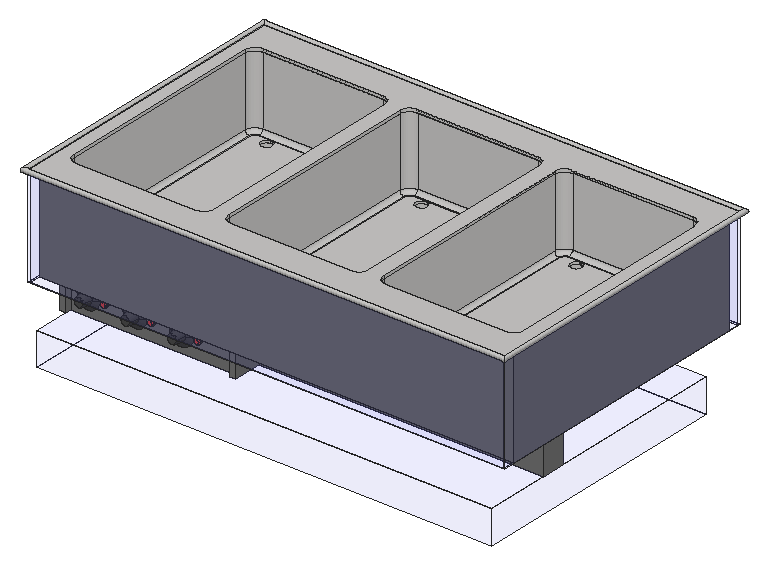
Revit family "QF_Vollrath_36404_cat", category Specialty Equipment, Revit 2016
Family settings
  Part Type = Normal
  Round Connector Dimension = Use Diameter
  OmniClass Number = 23.40.40.14.14
  OmniClass Title = Food Preparation Equipment
  Work Plane-Based = No
  Always vertical = Yes
  Cut with Voids When Loaded = No
  Shared = No
  Room Calculation Point = No
Parameters
  Width = 3' - 5 1/2"
  Weight in Pounds = 0
  Watts = 0 W
  Watermarked By = "http://revitwatermark.com"
  Waste Water Discharge Temperature [instance] = -459.67 °F
  Volts = 0 V
  URL Cutsheet = ""
  URL = "www.vollrathco.com"
  Status [instance] = ""
  Specification by User [instance] = ""
  Specification by Manufacturer [instance] = ""
  Serial Number [instance] = ""
  Seismic Rating [instance] = ""
  SMACNA No [instance] = ""
  Revision Code [instance] = ""
  Remote Control Box [instance] = no
  Plumbing Remarks [instance] = ""
  Plumbing Connection Type [instance] = ""
  Phase = 0
  Number of Poles = 1
  NAFEM Spec ID Number [instance] = ""
  Mounted Control Box [instance] = not(Remote Control Box)  # yes
  Model = "-"
  Masterspec [instance] = ""
  Manufacturer = "Vollrath"
  Item Number [instance] = "-"
  Installed By [instance] = ""
  Indirect Waste Size = 1/2"
  Indirect Waste Flow [instance] = 0.00 GPM
  Indirect Waste Connection Type [instance] = ""
  Indirect Waste Connection Height [instance] = Height AFF - 1' 0 3/16"  # 1' - 11 13/16"
  Height AFF [instance] = 3' - 0"
  Furnished By [instance] = ""
  Foodservice Equipment Identifier [instance] = yes
  FL Amps = 0 A
  Electrical Remarks [instance] = ""
  Electric Connection Type [instance] = ""
  Elec Conn RI Height [instance] = 0' - 0"
  Elec Conn Connection Height [instance] = Height AFF - 0' 10"  # 2' - 2"
  Description = "Drop-In, Three Well Hot"
  Depth = 2' - 2"
  Cycle = 60 Hz
  Conn Plug = "-"
  CSI MasterFormat = "11 42 00"
  Assembly Code = "E1090320"
  Apparent Power = if(Phase = 3, Volts * FL Amps * 1.73, Volts * FL Amps)  # 0 VA
Reference planes (in)
  plane 1 "BACK": y = 0
  plane 2: z = 0
  plane 3 "LEFT": x = -15.489587
  plane 4 "RIGHT": x = 26.010413
  plane 5 "FRONT": y = -26
  plane 6 "Table Top": z = 36
  plane 7 "TOP": z = 36.375
  plane 8: y = -3
  plane 9: y = -23
  plane 10: x = -13.989587
  plane 11: x = -1.989587
  plane 12 "Bottom of Well": z = 29.625
  plane 13 "Bottom of Well Cover": z = 27.5
  plane 14: y = -1.5
  plane 15: y = -24.5
  plane 16: x = -14.989587
  plane 17: x = 25.510413
  plane 18 "Standard Drain": z = 23.75
  plane 19 "Drain FB": x = -11.989587
  plane 20 "Drain LR": y = -4
  plane 21: z = 24.5
  plane 22: z = 21.5
  plane 23 "Back of Panel": y = -20.5
  plane 24: y = -18.5
  plane 25: x = -14.489587
  plane 26: x = 24.947913
  plane 27 "Manifold Drain Top": z = 24.25
  plane 28 "Front of Panel": y = -22.5
  plane 29: x = 0.510413
  plane 30: x = -0.739587
  plane 31: x = 11.260413
  plane 32: x = 1.260413
  plane 33: x = 12.510413
  plane 34: x = 24.510413
  plane 35: x = 14.510413
  plane 36: z = 21.375
Forms (in)
  Sweep 1, solid, material "QF_Finishes_Stainless Steel"
    path origin (0, 0, 36) x (0, 1, 0) y (-1, 0, 0)
      loop
        line (0, 15.489587) -> (-26, 15.489587) -> (-26, -26.010413) -> (0, -26.010413) -> (0, 15.489587)
    profile origin (5.260413, 0, 36) x (0, 1, 0) y (0, 0, 1)
      loop
        line (-0.3712117, 0) -> (-0.1875, 0)
        arc (-0.1875, 0) -> (-0.0422631, 0.3060854) -> (-0.3712117, 0.225) r 0.1875
        line (-0.3712117, 0.225) -> (-0.3712117, 0)
  Extrusion 2, solid, material "QF_Finishes_Stainless Steel"
    sketch origin (0, 0, 36) x (0, 1, 0) y (-1, 0, 0)
      loop
        arc (-3, 13.114587) -> (-3.2562816, 13.7333055) -> (-3.875, 13.989587) r 0.875
        line (-3.875, 13.989587) -> (-22.125, 13.989587)
        arc (-22.125, 13.989587) -> (-22.7437184, 13.7333055) -> (-23, 13.114587) r 0.875
        line (-23, 13.114587) -> (-23, 2.864587)
        arc (-23, 2.864587) -> (-22.7437184, 2.2458686) -> (-22.125, 1.989587) r 0.875
        line (-22.125, 1.989587) -> (-3.875, 1.989587)
        arc (-3.875, 1.989587) -> (-3.2562816, 2.2458686) -> (-3, 2.864587) r 0.875
        line (-3, 2.864587) -> (-3, 13.114587)
      loop
        line (-0.3712117, 15.1183753) -> (-25.6287883, 15.1183753) -> (-25.6287883, -25.6392012) -> (-0.3712117, -25.6392012) -> (-0.3712117, 15.1183753)
      loop
        arc (-3, -0.135413) -> (-3.2562816, 0.4833055) -> (-3.875, 0.739587) r 0.875
        line (-3.875, 0.739587) -> (-22.125, 0.739587)
        arc (-22.125, 0.739587) -> (-22.7437184, 0.4833055) -> (-23, -0.135413) r 0.875
        line (-23, -0.135413) -> (-23, -10.385413)
        arc (-23, -10.385413) -> (-22.7437184, -11.0041314) -> (-22.125, -11.260413) r 0.875
        line (-22.125, -11.260413) -> (-3.875, -11.260413)
        arc (-3.875, -11.260413) -> (-3.2562816, -11.0041314) -> (-3, -10.385413) r 0.875
        line (-3, -10.385413) -> (-3, -0.135413)
      loop
        arc (-3, -13.385413) -> (-3.2562816, -12.7666945) -> (-3.875, -12.510413) r 0.875
        line (-3.875, -12.510413) -> (-22.125, -12.510413)
        arc (-22.125, -12.510413) -> (-22.7437184, -12.7666945) -> (-23, -13.385413) r 0.875
        line (-23, -13.385413) -> (-23, -23.635413)
        arc (-23, -23.635413) -> (-22.7437184, -24.2541314) -> (-22.125, -24.510413) r 0.875
        line (-22.125, -24.510413) -> (-3.875, -24.510413)
        arc (-3.875, -24.510413) -> (-3.2562816, -24.2541314) -> (-3, -23.635413) r 0.875
        line (-3, -23.635413) -> (-3, -13.385413)
    from 0 to 0.225
  Sweep 3, solid, material "QF_Finishes_Stainless Steel"
    path origin (0, 0, 36) x (0, 1, 0) y (-1, 0, 0)
      loop
        arc (-3, 13.114587) -> (-3.2562816, 13.7333055) -> (-3.875, 13.989587) r 0.875
        line (-3.875, 13.989587) -> (-22.125, 13.989587)
        arc (-22.125, 13.989587) -> (-22.7437184, 13.7333055) -> (-23, 13.114587) r 0.875
        line (-23, 13.114587) -> (-23, 2.864587)
        arc (-23, 2.864587) -> (-22.7437184, 2.2458686) -> (-22.125, 1.989587) r 0.875
        line (-22.125, 1.989587) -> (-3.875, 1.989587)
        arc (-3.875, 1.989587) -> (-3.2562816, 2.2458686) -> (-3, 2.864587) r 0.875
        line (-3, 2.864587) -> (-3, 13.114587)
    profile origin (-7.989587, -3, 36) x (0, 1, 0) y (0, 0, 1)
      loop
        line (0, 0) -> (0, -5.875)
        arc (0, -5.875) -> (-0.109835, -6.140165) -> (-0.375, -6.25) r 0.375
        line (-0.375, -6.25) -> (-0.375, -6.375)
        arc (-0.375, -6.375) -> (-0.0214466, -6.2285534) -> (0.125, -5.875) r 0.5
        line (0.125, -5.875) -> (0.125, 0) -> (0, 0)
  Extrusion 4, solid, material "QF_Finishes_Stainless Steel"
    sketch origin (0, 0, 29.625) x (0, 1, 0) y (-1, 0, 0)
      loop
        arc (-3.375, 13.114587) -> (-3.5214466, 13.4681404) -> (-3.875, 13.614587) r 0.5
        line (-3.875, 13.614587) -> (-22.125, 13.614587)
        arc (-22.125, 13.614587) -> (-22.4785534, 13.4681404) -> (-22.625, 13.114587) r 0.5
        line (-22.625, 13.114587) -> (-22.625, 2.864587)
        arc (-22.625, 2.864587) -> (-22.4785534, 2.5110336) -> (-22.125, 2.364587) r 0.5
        line (-22.125, 2.364587) -> (-3.875, 2.364587)
        arc (-3.875, 2.364587) -> (-3.5214466, 2.5110336) -> (-3.375, 2.864587) r 0.5
        line (-3.375, 2.864587) -> (-3.375, 13.114587)
      loop
        circle (-4, 11.989587) r 0.5
    from 0 to 0.125
  Extrusion 5, solid, material "QF_Finishes_Dark Grey"
    sketch origin (0, 0, 27.5) x (0, 1, 0) y (-1, 0, 0)
      loop
        line (-1.625, 14.864587) -> (-24.375, 14.864587) -> (-24.375, -25.385413) -> (-1.625, -25.385413) -> (-1.625, 14.864587)
      loop
        circle (-4, 11.989587) r 0.5
      loop
        circle (-4, -1.260413) r 0.5
    from 0 to 0.125
  Extrusion 6, solid, material "QF_Finishes_Dark Grey"
    sketch origin (0, 0, 27.5) x (0, 1, 0) y (-1, 0, 0)
      loop
        line (-1.5, 14.989587) -> (-24.5, 14.989587) -> (-24.5, -25.510413) -> (-1.5, -25.510413) -> (-1.5, 14.989587)
      loop
        line (-1.625, 14.864587) -> (-24.375, 14.864587) -> (-24.375, -25.385413) -> (-1.625, -25.385413) -> (-1.625, 14.864587)
    from 0 to 8.5
  Extrusion 7, solid, material "QF_Finishes_Stainless Steel"
    sketch origin (0, 0, 27.5) x (0, 1, 0) y (-1, 0, 0)
      loop
        circle (-4, 11.989587) r 0.5
      loop
        circle (-4, 11.989587) r 0.625
    from 0.125 to 2.125
  Revolve 8, solid, material "QF_Finishes_Dark Grey"
    sketch origin (-11.989587, 0, 0) x (0, 1, 0) y (0, 0, 1)
      loop
        line (-3.375, 23.75) -> (-3.25, 23.75) -> (-3.25, 24.25) -> (-3.375, 24.25) -> (-3.375, 25.75) -> (-3.25, 25.75) -> (-3.25, 26.25) -> (-3.375, 26.25) -> (-3.375, 27.5) -> (-3.5, 27.5) -> (-3.5, 26.125) -> (-3.375, 26.125) -> (-3.375, 25.875) -> (-3.5, 25.875) -> (-3.5, 24.125) -> (-3.375, 24.125) -> (-3.375, 23.75)
      axis (-4, 23.75) -> (-4, 27.5)
    angle from 0 to 360
  Extrusion 9, solid, material "QF_Finishes_Dark Grey"
    sketch origin (-15.489587, 0, 0) x (0, 1, 0) y (0, 0, 1)
      loop
        line (-18.5, 27.5) -> (-20.5, 27.5) -> (-20.5, 24.5) -> (-18.5, 24.5) -> (-18.5, 27.5)
    from 1 to 40.4375
  Extrusion 10, solid, material "QF_Finishes_Dark Grey", visible <- "Mounted Control Box"
    sketch origin (0, 0, 27.5) x (0, 1, 0) y (-1, 0, 0)
      loop
        line (-20.5, 14.489587) -> (-23, 14.489587) -> (-23, 13.989587) -> (-22.5, 13.989587) -> (-22.5, -0.010413) -> (-23, -0.010413) -> (-23, -0.510413) -> (-20.5, -0.510413) -> (-20.5, 14.489587)
    from 0 to -3
  Blend 11, solid, material "QF_Finishes_Black", visible <- "Mounted Control Box"
    base sketch origin (0, -22.5, 0) x (-1, 0, 0) y (0, 0, 1)
      loop
        circle (12.489587, 26) r 1
    top sketch origin (0, -22.5, 0) x (-1, 0, 0) y (0, 0, 1)
      loop
        circle (12.489587, 26) r 0.5
    from 0 to -0.25
  Blend 12, solid, material "QF_Finishes_Black", visible <- "Mounted Control Box"
    base sketch origin (0, -22.5, 0) x (-1, 0, 0) y (0, 0, 1)
      loop
        circle (12.489587, 26) r 0.5
    top sketch origin (0, -22.5, 0) x (-1, 0, 0) y (0, 0, 1)
      loop
        circle (12.489587, 26) r 0.375
    from -0.25 to -1
  Extrusion 13, solid, material "QF_Finishes_Black", visible <- "Mounted Control Box"
    sketch origin (0, -22.5, 0) x (-1, 0, 0) y (0, 0, 1)
      loop
        circle (10.989587, 26) r 0.25
    from 0 to -0.125
  Extrusion 14, solid, material "QF_Finishes_Red", visible <- "Mounted Control Box"
    sketch origin (0, -22.5, 0) x (-1, 0, 0) y (0, 0, 1)
      loop
        circle (10.989587, 26) r 0.1875
    from -0.125 to -0.25
  Extrusion 15, solid, material "QF_Finishes_Stainless Steel"
    sketch origin (13.25, 0, 29.625) x (0, 1, 0) y (-1, 0, 0)
      loop
        arc (-3.375, 13.114587) -> (-3.5214466, 13.4681404) -> (-3.875, 13.614587) r 0.5
        line (-3.875, 13.614587) -> (-22.125, 13.614587)
        arc (-22.125, 13.614587) -> (-22.4785534, 13.4681404) -> (-22.625, 13.114587) r 0.5
        line (-22.625, 13.114587) -> (-22.625, 2.864587)
        arc (-22.625, 2.864587) -> (-22.4785534, 2.5110336) -> (-22.125, 2.364587) r 0.5
        line (-22.125, 2.364587) -> (-3.875, 2.364587)
        arc (-3.875, 2.364587) -> (-3.5214466, 2.5110336) -> (-3.375, 2.864587) r 0.5
        line (-3.375, 2.864587) -> (-3.375, 13.114587)
      loop
        circle (-4, 11.989587) r 0.5
    from 0 to 0.125
  Revolve 16, solid, material "QF_Finishes_Dark Grey"
    sketch origin (1.260413, 0, 0) x (0, 1, 0) y (0, 0, 1)
      loop
        line (-3.375, 23.75) -> (-3.25, 23.75) -> (-3.25, 24.25) -> (-3.375, 24.25) -> (-3.375, 25.75) -> (-3.25, 25.75) -> (-3.25, 26.25) -> (-3.375, 26.25) -> (-3.375, 27.5) -> (-3.5, 27.5) -> (-3.5, 26.125) -> (-3.375, 26.125) -> (-3.375, 25.875) -> (-3.5, 25.875) -> (-3.5, 24.125) -> (-3.375, 24.125) -> (-3.375, 23.75)
      axis (-4, 23.75) -> (-4, 27.5)
    angle from 0 to 360
  Blend 17, solid, material "QF_Finishes_Black", visible <- "Mounted Control Box"
    base sketch origin (4, -22.5, 0) x (-1, 0, 0) y (0, 0, 1)
      loop
        circle (12.489587, 26) r 1
    top sketch origin (4, -22.5, 0) x (-1, 0, 0) y (0, 0, 1)
      loop
        circle (12.489587, 26) r 0.5
    from 0 to -0.25
  Blend 18, solid, material "QF_Finishes_Black", visible <- "Mounted Control Box"
    base sketch origin (4, -22.5, 0) x (-1, 0, 0) y (0, 0, 1)
      loop
        circle (12.489587, 26) r 0.5
    top sketch origin (4, -22.5, 0) x (-1, 0, 0) y (0, 0, 1)
      loop
        circle (12.489587, 26) r 0.375
    from -0.25 to -1
  Extrusion 19, solid, material "QF_Finishes_Black", visible <- "Mounted Control Box"
    sketch origin (0, -22.5, 0) x (-1, 0, 0) y (0, 0, 1)
      loop
        circle (6.989587, 26) r 0.25
    from 0 to -0.125
  Extrusion 20, solid, material "QF_Finishes_Red", visible <- "Mounted Control Box"
    sketch origin (0, -22.5, 0) x (-1, 0, 0) y (0, 0, 1)
      loop
        circle (6.989587, 26) r 0.1875
    from -0.125 to -0.25
  Sweep 21, solid, material "QF_Finishes_Stainless Steel"
    path origin (13.25, 0, 36) x (0, 1, 0) y (-1, 0, 0)
      loop
        arc (-3, 13.114587) -> (-3.2562816, 13.7333055) -> (-3.875, 13.989587) r 0.875
        line (-3.875, 13.989587) -> (-22.125, 13.989587)
        arc (-22.125, 13.989587) -> (-22.7437184, 13.7333055) -> (-23, 13.114587) r 0.875
        line (-23, 13.114587) -> (-23, 2.864587)
        arc (-23, 2.864587) -> (-22.7437184, 2.2458686) -> (-22.125, 1.989587) r 0.875
        line (-22.125, 1.989587) -> (-3.875, 1.989587)
        arc (-3.875, 1.989587) -> (-3.2562816, 2.2458686) -> (-3, 2.864587) r 0.875
        line (-3, 2.864587) -> (-3, 13.114587)
    profile origin (5.260413, -3, 36) x (0, 1, 0) y (0, 0, 1)
      loop
        line (0, 0) -> (0, -5.875)
        arc (0, -5.875) -> (-0.109835, -6.140165) -> (-0.375, -6.25) r 0.375
        line (-0.375, -6.25) -> (-0.375, -6.375)
        arc (-0.375, -6.375) -> (-0.0214466, -6.2285534) -> (0.125, -5.875) r 0.5
        line (0.125, -5.875) -> (0.125, 0) -> (0, 0)
  Extrusion 22, solid, material "QF_Finishes_Stainless Steel"
    sketch origin (13.25, 0, 27.5) x (0, 1, 0) y (-1, 0, 0)
      loop
        circle (-4, 11.989587) r 0.5
      loop
        circle (-4, 11.989587) r 0.625
    from 0.125 to 2.125
  Blend 23, solid, material "QF_Finishes_Black", visible <- "Mounted Control Box"
    base sketch origin (8, -22.5, 0) x (-1, 0, 0) y (0, 0, 1)
      loop
        circle (12.489587, 26) r 1
    top sketch origin (8, -22.5, 0) x (-1, 0, 0) y (0, 0, 1)
      loop
        circle (12.489587, 26) r 0.5
    from 0 to -0.25
  Blend 24, solid, material "QF_Finishes_Black", visible <- "Mounted Control Box"
    base sketch origin (8, -22.5, 0) x (-1, 0, 0) y (0, 0, 1)
      loop
        circle (12.489587, 26) r 0.5
    top sketch origin (8, -22.5, 0) x (-1, 0, 0) y (0, 0, 1)
      loop
        circle (12.489587, 26) r 0.375
    from -0.25 to -1
  Extrusion 25, solid, material "QF_Finishes_Black", visible <- "Mounted Control Box"
    sketch origin (4, -22.5, 0) x (-1, 0, 0) y (0, 0, 1)
      loop
        circle (6.989587, 26) r 0.25
    from 0 to -0.125
  Extrusion 26, solid, material "QF_Finishes_Red", visible <- "Mounted Control Box"
    sketch origin (4, -22.5, 0) x (-1, 0, 0) y (0, 0, 1)
      loop
        circle (6.989587, 26) r 0.1875
    from -0.125 to -0.25
  Revolve 27, solid, material "QF_Finishes_Dark Grey"
    sketch origin (14.510413, 0, 0) x (0, 1, 0) y (0, 0, 1)
      loop
        line (-3.375, 23.75) -> (-3.25, 23.75) -> (-3.25, 24.25) -> (-3.375, 24.25) -> (-3.375, 25.75) -> (-3.25, 25.75) -> (-3.25, 26.25) -> (-3.375, 26.25) -> (-3.375, 27.5) -> (-3.5, 27.5) -> (-3.5, 26.125) -> (-3.375, 26.125) -> (-3.375, 25.875) -> (-3.5, 25.875) -> (-3.5, 24.125) -> (-3.375, 24.125) -> (-3.375, 23.75)
      axis (-4, 23.75) -> (-4, 27.5)
    angle from 0 to 360
  Extrusion 28, solid, material "QF_Finishes_Stainless Steel"
    sketch origin (26.5, 0, 27.5) x (0, 1, 0) y (-1, 0, 0)
      loop
        circle (-4, 11.989587) r 0.5
      loop
        circle (-4, 11.989587) r 0.625
    from 0.125 to 2.125
  Extrusion 29, solid, material "QF_Finishes_Stainless Steel"
    sketch origin (26.5, 0, 29.625) x (0, 1, 0) y (-1, 0, 0)
      loop
        arc (-3.375, 13.114587) -> (-3.5214466, 13.4681404) -> (-3.875, 13.614587) r 0.5
        line (-3.875, 13.614587) -> (-22.125, 13.614587)
        arc (-22.125, 13.614587) -> (-22.4785534, 13.4681404) -> (-22.625, 13.114587) r 0.5
        line (-22.625, 13.114587) -> (-22.625, 2.864587)
        arc (-22.625, 2.864587) -> (-22.4785534, 2.5110336) -> (-22.125, 2.364587) r 0.5
        line (-22.125, 2.364587) -> (-3.875, 2.364587)
        arc (-3.875, 2.364587) -> (-3.5214466, 2.5110336) -> (-3.375, 2.864587) r 0.5
        line (-3.375, 2.864587) -> (-3.375, 13.114587)
      loop
        circle (-4, 11.989587) r 0.5
    from 0 to 0.125
  Sweep 30, solid, material "QF_Finishes_Stainless Steel"
    path origin (26.5, 0, 36) x (0, 1, 0) y (-1, 0, 0)
      loop
        arc (-3, 13.114587) -> (-3.2562816, 13.7333055) -> (-3.875, 13.989587) r 0.875
        line (-3.875, 13.989587) -> (-22.125, 13.989587)
        arc (-22.125, 13.989587) -> (-22.7437184, 13.7333055) -> (-23, 13.114587) r 0.875
        line (-23, 13.114587) -> (-23, 2.864587)
        arc (-23, 2.864587) -> (-22.7437184, 2.2458686) -> (-22.125, 1.989587) r 0.875
        line (-22.125, 1.989587) -> (-3.875, 1.989587)
        arc (-3.875, 1.989587) -> (-3.2562816, 2.2458686) -> (-3, 2.864587) r 0.875
        line (-3, 2.864587) -> (-3, 13.114587)
    profile origin (18.510413, -3, 36) x (0, 1, 0) y (0, 0, 1)
      loop
        line (0, 0) -> (0, -5.875)
        arc (0, -5.875) -> (-0.109835, -6.140165) -> (-0.375, -6.25) r 0.375
        line (-0.375, -6.25) -> (-0.375, -6.375)
        arc (-0.375, -6.375) -> (-0.0214466, -6.2285534) -> (0.125, -5.875) r 0.5
        line (0.125, -5.875) -> (0.125, 0) -> (0, 0)
  Extrusion 31, solid, material "QF_Finishes_Clearances"
    sketch origin (0, 0, 36) x (0, 1, 0) y (-1, 0, 0)
      loop
        line (-0.5, 14.989587) -> (-25.5, 14.989587) -> (-25.5, -25.510413) -> (-0.5, -25.510413) -> (-0.5, 14.989587)
      loop
        line (-0.375, 15.114587) -> (-25.625, 15.114587) -> (-25.625, -25.635413) -> (-0.375, -25.635413) -> (-0.375, 15.114587)
    from 0 to -8.5
  Extrusion 32, solid, material "QF_Finishes_Clearances", detail levels medium+fine
    sketch origin (-11.989587, -1.625, 0.230599) x (0, 1, 0) y (0, 0, 1)
      loop
        line (-1.5, 21.375) -> (-1.5, 24.25) -> (-24.5, 24.25) -> (-24.5, 21.375) -> (-1.5, 21.375)
    from -2 to 36.9375
Lines and regions (in)
  symbolic lines
    curve 1: line (-15.489587, 0, 27.5) -> (26.010413, 0, 27.5)
    curve 2: line (-15.489587, -26, 27.5) -> (-15.489587, 0, 27.5)
    curve 3: line (26.010413, -26, 27.5) -> (-15.489587, -26, 27.5)
    curve 4: line (26.010413, 0, 27.5) -> (26.010413, -26, 27.5)
    curve 5: line (-13.114587, -3, 27.5) -> (-2.864587, -3, 27.5)
    curve 6: line (-13.989587, -22.125, 27.5) -> (-13.989587, -3.875, 27.5)
    curve 7: line (-2.864587, -23, 27.5) -> (-13.114587, -23, 27.5)
    curve 8: line (-1.989587, -3.875, 27.5) -> (-1.989587, -22.125, 27.5)
    curve 9: arc (-13.114587, -23, 27.5) -> (-13.7333055, -22.7437184, 27.5) -> (-13.989587, -22.125, 27.5) r 0.875
    curve 10: arc (-2.864587, -23, 27.5) -> (-2.2458686, -22.7437184, 27.5) -> (-1.989587, -22.125, 27.5) r 0.875
    curve 11: arc (-13.989587, -3.875, 27.5) -> (-13.7333055, -3.2562816, 27.5) -> (-13.114587, -3, 27.5) r 0.875
    curve 12: arc (-2.864587, -3, 27.5) -> (-2.2458686, -3.2562816, 27.5) -> (-1.989587, -3.875, 27.5) r 0.875
    curve 13: line (0.135413, -3, 27.5) -> (10.385413, -3, 27.5)
    curve 14: line (-0.739587, -22.125, 27.5) -> (-0.739587, -3.875, 27.5)
    curve 15: line (10.385413, -23, 27.5) -> (0.135413, -23, 27.5)
    curve 16: line (11.260413, -3.875, 27.5) -> (11.260413, -22.125, 27.5)
    curve 17: arc (0.135413, -23, 27.5) -> (-0.4833055, -22.7437184, 27.5) -> (-0.739587, -22.125, 27.5) r 0.875
    curve 18: arc (10.385413, -23, 27.5) -> (11.0041314, -22.7437184, 27.5) -> (11.260413, -22.125, 27.5) r 0.875
    curve 19: arc (-0.739587, -3.875, 27.5) -> (-0.4833055, -3.2562816, 27.5) -> (0.135413, -3, 27.5) r 0.875
    curve 20: arc (10.385413, -3, 27.5) -> (11.0041314, -3.2562816, 27.5) -> (11.260413, -3.875, 27.5) r 0.875
    curve 21: line (13.385413, -3, 27.5) -> (23.635413, -3, 27.5)
    curve 22: line (12.510413, -22.125, 27.5) -> (12.510413, -3.875, 27.5)
    curve 23: line (23.635413, -23, 27.5) -> (13.385413, -23, 27.5)
    curve 24: line (24.510413, -3.875, 27.5) -> (24.510413, -22.125, 27.5)
    curve 25: arc (13.385413, -23, 27.5) -> (12.7666945, -22.7437184, 27.5) -> (12.510413, -22.125, 27.5) r 0.875
    curve 26: arc (23.635413, -23, 27.5) -> (24.2541314, -22.7437184, 27.5) -> (24.510413, -22.125, 27.5) r 0.875
    curve 27: arc (12.510413, -3.875, 27.5) -> (12.7666945, -3.2562816, 27.5) -> (13.385413, -3, 27.5) r 0.875
    curve 28: arc (23.635413, -3, 27.5) -> (24.2541314, -3.2562816, 27.5) -> (24.510413, -3.875, 27.5) r 0.875
  model lines, style "QF_Cutout"
    curve 29: line (-15.1183753, -25.625, 36.375) -> (-15.1183753, -25.625, 42.375)
    curve 30: line (25.6392012, -25.625, 36.375) -> (25.6392012, -25.625, 42.375)
    curve 31: line (-15.1183753, -0.375, 36.375) -> (-15.1183753, -0.375, 42.375)
    curve 32: line (25.6392012, -0.375, 36.375) -> (25.6392012, -0.375, 42.375)
Dimensions and locks (in)
  "Width": plane 3 "LEFT" to plane 4 "RIGHT"
  "Depth": plane 5 "FRONT" to plane 1 "BACK"
  "Height AFF": plane 6 "Table Top" to level
  locked: plane 7 "TOP" to plane 6 "Table Top" at 0.375
  locked: plane 1 "BACK" to plane 8 at 3
  locked: plane 9 to plane 5 "FRONT" at 3
  locked: plane 3 "LEFT" to plane 10 at 1.5
  locked: profile plane to Sweep 1 sketch curve at 0.3712117
  locked: plane 6 "Table Top" to plane 12 "Bottom of Well" at 6.375
  locked: plane 6 "Table Top" to plane 13 "Bottom of Well Cover" at 8.5
  locked: plane 1 "BACK" to plane 14 at 1.5
  locked: plane 15 to plane 5 "FRONT" at 1.5
  locked: plane 3 "LEFT" to plane 16 at 0.5
  locked: plane 17 to plane 4 "RIGHT" at 0.5
  locked: plane 1 "BACK" to plane 20 "Drain LR" at 4
  locked: plane 13 "Bottom of Well Cover" to plane 21 at 3
  locked: plane 21 to plane 22 at 3
  locked: plane 24 to plane 23 "Back of Panel" at 2
  locked: plane 23 "Back of Panel" to plane 5 "FRONT" at 5.5
  locked: plane 16 to plane 25 at 0.5
  locked: plane 26 to plane 17 at 0.5625
  plane 23 "Back of Panel" to plane 28 "Front of Panel" = 0' - 2"
  locked: plane 25 to plane 29 at 15
  locked: plane 25 to Extrusion 10 sketch curve at 0.5
  locked: Extrusion 10 sketch curve to plane 29 at 0.5
  locked: plane 13 "Bottom of Well Cover" to plane 27 "Manifold Drain Top" at 3.25
  locked: plane 13 "Bottom of Well Cover" to plane 18 "Standard Drain" at 3.75
  locked: plane 10 to plane 11 at 12
  locked: plane 11 to plane 30 at 1.25
  locked: plane 30 to plane 31 at 12
  locked: plane 30 to plane 32 at 2
  locked: plane 10 to plane 19 "Drain FB" at 2
  locked: plane 33 to plane 34 at 12
  locked: plane 33 to plane 35 at 2
  locked: plane 31 to plane 33 at 1.25
  locked: plane 3 "LEFT" to Extrusion 31 sketch curve at 0.375
  locked: Extrusion 31 sketch curve to Extrusion 31 sketch curve at 0.125  (x4)
  locked: Extrusion 31 sketch curve to plane 4 "RIGHT" at 0.375
  locked: Extrusion 31 sketch curve to plane 1 "BACK" at 0.375
  locked: plane 5 "FRONT" to Extrusion 31 sketch curve at 0.375
  locked: plane 7 "TOP" to plane 36 at 15
  aligned and locked: level to plane 2
  aligned and locked: Sweep 1 sketch curve to profile plane
  aligned and locked: plane 1 "BACK" to Sweep 1 sketch curve
  aligned and locked: plane 3 "LEFT" to Sweep 1 sketch curve
  aligned and locked: Sweep 1 sketch curve to plane 5 "FRONT"
  aligned and locked: Sweep 1 sketch curve to plane 4 "RIGHT"
  aligned and locked: Extrusion 2 sketch curve to plane 8  (x2)
  aligned and locked: plane 10 to Extrusion 2 sketch curve
  aligned and locked: plane 9 to Extrusion 2 sketch curve  (x2)
  aligned and locked: plane 11 to Extrusion 2 sketch curve
  aligned and locked: Sweep 1 to Extrusion 2 sketch curve  (x4)
  aligned: Extrusion 2 to Sweep 1
  aligned and locked: Sweep 3 sketch curve to plane 8
  aligned and locked: plane 10 to Sweep 3 sketch curve
  aligned and locked: plane 9 to Sweep 3 sketch curve
  aligned and locked: plane 11 to Sweep 3 sketch curve
  aligned and locked: plane 8 to Sweep 3 sketch curve
  aligned and locked: Sweep 3 sketch curve to plane 6 "Table Top"
  aligned and locked: Extrusion 4 sketch curve to Sweep 3  (x2)
  aligned and locked: Sweep 3 to Extrusion 4 sketch curve  (x2)
  aligned and locked: Extrusion 4 to Sweep 3
  aligned and locked: Extrusion 5 sketch curve to Extrusion 4  (x2)
  aligned and locked: plane 16 to Extrusion 6 sketch curve
  aligned and locked: Extrusion 6 sketch curve to plane 14
  aligned and locked: Extrusion 6 sketch curve to plane 17
  aligned and locked: plane 15 to Extrusion 6 sketch curve
  aligned and locked: plane 6 "Table Top" to Extrusion 6
  aligned and locked: Extrusion 5 sketch curve to Extrusion 6  (x4)
  aligned and locked: Extrusion 7 sketch curve to Extrusion 4  (x2)
  aligned and locked: plane 12 "Bottom of Well" to Extrusion 7
  aligned and locked: Extrusion 9 sketch curve to plane 13 "Bottom of Well Cover"
  aligned and locked: plane 23 "Back of Panel" to Extrusion 9 sketch curve
  aligned and locked: Extrusion 9 sketch curve to plane 24
  aligned and locked: plane 21 to Extrusion 9 sketch curve
  aligned and locked: Extrusion 9 to plane 25
  aligned and locked: plane 26 to Extrusion 9
  aligned and locked: Extrusion 10 sketch curve to plane 23 "Back of Panel"
  aligned and locked: Extrusion 10 sketch curve to plane 29
  aligned and locked: Extrusion 10 sketch curve to plane 25
  aligned and locked: plane 28 "Front of Panel" to Extrusion 10 sketch curve
  aligned and locked: Extrusion 10 to plane 21
  aligned and locked: Blend 12 sketch curve to Blend 11  (x2)
  aligned and locked: plane 1 "BACK" to curve 1
  aligned and locked: plane 3 "LEFT" to curve 2
  aligned and locked: curve 4 to plane 4 "RIGHT"
  aligned and locked: curve 3 to plane 5 "FRONT"
  aligned and locked: curve 5 to plane 8
  aligned and locked: plane 11 to curve 8
  aligned and locked: plane 10 to curve 6
  aligned and locked: plane 9 to curve 7
  aligned and locked: plane 31 to Extrusion 2 sketch curve
  aligned and locked: Extrusion 2 sketch curve to plane 30
  aligned and locked: Blend 18 sketch curve to Blend 17  (x2)
  aligned and locked: Blend 24 sketch curve to Blend 23  (x2)
  aligned and locked: Extrusion 31 to plane 13 "Bottom of Well Cover"
  aligned: plane 36 to Extrusion 32 sketch curve
  aligned: Extrusion 32 sketch curve to plane 14
  aligned: Extrusion 32 sketch curve to plane 27 "Manifold Drain Top"
  aligned: plane 15 to Extrusion 32 sketch curve
  aligned and locked: Extrusion 32 to plane 10
  aligned and locked: plane 26 to Extrusion 32
Automatic sketch dimensions
  plane 28 "Front of Panel" to Sweep 3 sketch curve = 0' - 0 3/8"  (x2)
  plane 20 "Drain LR" to Sweep 3 sketch curve = 0' - 0 1/8"  (x2)
  plane 15 to Extrusion 6 sketch curve = 0' - 0 1/8"
  Extrusion 6 sketch curve to plane 14 = 0' - 0 1/8"
  Extrusion 6 sketch curve to plane 17 = 0' - 0 1/8"
  plane 16 to Extrusion 6 sketch curve = 0' - 0 1/8"
  Extrusion 10 sketch curve to plane 9 = 0' - 0"  (x2)
  Extrusion 15 sketch curve to plane 20 "Drain LR" = 0' - 0"
  Extrusion 15 sketch curve to plane 32 = 0' - 0"
  plane 28 "Front of Panel" to Extrusion 15 sketch curve = 0' - 0 3/8"  (x2)
  Extrusion 15 sketch curve to plane 28 "Front of Panel" = 0' - 0 1/8"
  plane 20 "Drain LR" to Extrusion 15 sketch curve = 0' - 0 1/8"  (x2)
  Extrusion 15 sketch curve to plane 8 = 0' - 0 3/8"
  plane 31 to Extrusion 15 sketch curve = 0' - 0 7/8"
  Extrusion 15 sketch curve to plane 29 = 0' - 0 3/8"
  Sweep 21 sketch curve to plane 9 = 0' - 0"
  Sweep 21 sketch curve to plane 30 = 0' - 0"
  Sweep 21 sketch curve to plane 31 = 0' - 0"
  Sweep 21 sketch curve to plane 8 = 0' - 0"
  plane 28 "Front of Panel" to Sweep 21 sketch curve = 0' - 0 3/8"  (x2)
  plane 20 "Drain LR" to Sweep 21 sketch curve = 0' - 0 1/8"  (x2)
  Extrusion 22 sketch curve to Extrusion 22 sketch curve = 0' - 0"  (x12)
  Extrusion 22 sketch curve to plane 32 = 0' - 0"
  Extrusion 22 sketch curve to plane 20 "Drain LR" = 0' - 0"
  Extrusion 22 sketch curve to plane 20 "Drain LR" = 0' - 0 1/2"
  Extrusion 22 sketch curve to Extrusion 22 sketch curve = 0' - 0 1/8"
  Extrusion 28 sketch curve to Extrusion 28 sketch curve = 0' - 0"  (x12)
  Extrusion 28 sketch curve to plane 35 = 0' - 0"
  Extrusion 28 sketch curve to plane 20 "Drain LR" = 0' - 0"
  Extrusion 28 sketch curve to plane 20 "Drain LR" = 0' - 0 1/2"
  Extrusion 28 sketch curve to Extrusion 28 sketch curve = 0' - 0 1/8"
  Extrusion 29 sketch curve to plane 20 "Drain LR" = 0' - 0"
  Extrusion 29 sketch curve to plane 35 = 0' - 0"
  plane 28 "Front of Panel" to Extrusion 29 sketch curve = 0' - 0 3/8"  (x2)
  Extrusion 29 sketch curve to plane 28 "Front of Panel" = 0' - 0 1/8"
  plane 20 "Drain LR" to Extrusion 29 sketch curve = 0' - 0 1/8"  (x2)
  Extrusion 29 sketch curve to plane 8 = 0' - 0 3/8"
  plane 34 to Extrusion 29 sketch curve = 0' - 0 7/8"
  Extrusion 29 sketch curve to plane 33 = 0' - 0 7/8"
  Sweep 30 sketch curve to plane 9 = 0' - 0"
  Sweep 30 sketch curve to plane 33 = 0' - 0"
  Sweep 30 sketch curve to plane 34 = 0' - 0"
  Sweep 30 sketch curve to plane 8 = 0' - 0"
  plane 28 "Front of Panel" to Sweep 30 sketch curve = 0' - 0 3/8"  (x2)
  plane 20 "Drain LR" to Sweep 30 sketch curve = 0' - 0 1/8"  (x2)
  curve 25 to plane 9 = 0' - 0"
  curve 15 to plane 9 = 0' - 0"
  curve 18 to plane 31 = 0' - 0"
  curve 26 to plane 34 = 0' - 0"
  curve 25 to plane 33 = 0' - 0"
  curve 17 to plane 30 = 0' - 0"
  curve 21 to plane 8 = 0' - 0"
  curve 20 to plane 8 = 0' - 0"
  plane 28 "Front of Panel" to curve 8 = 0' - 0 3/8"
  plane 28 "Front of Panel" to curve 6 = 0' - 0 3/8"
  plane 28 "Front of Panel" to curve 18 = 0' - 0 3/8"
  plane 28 "Front of Panel" to curve 26 = 0' - 0 3/8"
  plane 28 "Front of Panel" to curve 25 = 0' - 0 3/8"
  plane 28 "Front of Panel" to curve 17 = 0' - 0 3/8"
  plane 20 "Drain LR" to curve 16 = 0' - 0 1/8"
  plane 20 "Drain LR" to curve 28 = 0' - 0 1/8"
  plane 20 "Drain LR" to curve 27 = 0' - 0 1/8"
  plane 20 "Drain LR" to curve 6 = 0' - 0 1/8"
  plane 20 "Drain LR" to curve 8 = 0' - 0 1/8"
  plane 20 "Drain LR" to curve 19 = 0' - 0 1/8"
  Sweep 1 sketch curve to Sweep 1 sketch curve = 0' - 0.18371"
  plane 6 "Table Top" to Sweep 1 sketch curve = 0' - 0 3/16"
  Extrusion 2 sketch curve to plane 9 = 0' - 0"
  Extrusion 2 sketch curve to plane 34 = 0' - 0"
  Extrusion 2 sketch curve to plane 33 = 0' - 0"
  Extrusion 2 sketch curve to plane 8 = 0' - 0"
  plane 28 "Front of Panel" to Extrusion 2 sketch curve = 0' - 0 3/8"  (x6)
  plane 20 "Drain LR" to Extrusion 2 sketch curve = 0' - 0 1/8"  (x6)
  Sweep 3 sketch curve to Sweep 3 sketch curve = 0' - 0"  (x2)
  profile plane to Sweep 3 sketch curve = 0' - 0 3/8"
  Sweep 3 sketch curve to profile plane = 0' - 0 1/8"
  Sweep 3 sketch curve to plane 6 "Table Top" = 0' - 5 7/8"
  Extrusion 4 sketch curve to plane 19 "Drain FB" = 0' - 0"
  Extrusion 4 sketch curve to plane 20 "Drain LR" = 0' - 0"
  plane 28 "Front of Panel" to Extrusion 4 sketch curve = 0' - 0 3/8"  (x2)
  plane 20 "Drain LR" to Extrusion 4 sketch curve = 0' - 0 1/8"  (x2)
  Extrusion 5 sketch curve to Extrusion 5 sketch curve = 0' - 0"  (x2)
  Extrusion 5 sketch curve to plane 32 = 0' - 0"
  Extrusion 5 sketch curve to plane 20 "Drain LR" = 0' - 0"
  Extrusion 5 sketch curve to plane 20 "Drain LR" = 0' - 0 1/2"
  Extrusion 7 sketch curve to Extrusion 7 sketch curve = 0' - 0"  (x2)
  Extrusion 7 sketch curve to Extrusion 7 sketch curve = 0' - 0 1/8"
  Revolve 8 sketch curve to plane 20 "Drain LR" = 0' - 0"
  Revolve 8 sketch curve to plane 13 "Bottom of Well Cover" = 0' - 0"
  Revolve 8 sketch curve to plane 27 "Manifold Drain Top" = 0' - 0"
  Revolve 8 sketch curve to plane 18 "Standard Drain" = 0' - 0"
  Revolve 8 sketch curve to plane 8 = 0' - 0 1/2"  (x2)
  Revolve 8 sketch curve to Revolve 8 sketch curve = 0' - 0 1/8"  (x6)
  Revolve 8 sketch curve to Revolve 8 sketch curve = 0' - 0"
  Revolve 8 sketch curve to plane 8 = 0' - 0 3/8"
  Revolve 8 sketch curve to level = 1' - 0"
  Revolve 8 sketch curve to plane 27 "Manifold Drain Top" = 0' - 0 1/8"
  plane 21 to Revolve 8 sketch curve = 0' - 1 1/4"
  Revolve 8 sketch curve to Revolve 8 sketch curve = 0' - 0 1/4"
  plane 7 "TOP" to Revolve 8 sketch curve = 5' - 0 5/8"
  Blend 11 sketch curve to plane 19 "Drain FB" = 0' - 0 1/2"  (x2)
  Blend 11 sketch curve to plane 13 "Bottom of Well Cover" = 0' - 1 1/2"  (x2)
  Blend 12 sketch curve to plane 19 "Drain FB" = 0' - 0 1/2"
  Blend 12 sketch curve to plane 13 "Bottom of Well Cover" = 0' - 1 1/2"
  plane 19 "Drain FB" to Extrusion 13 sketch curve = 0' - 1"
  Extrusion 13 sketch curve to plane 13 "Bottom of Well Cover" = 0' - 1 1/2"
  plane 19 "Drain FB" to Extrusion 14 sketch curve = 0' - 1"
  Extrusion 14 sketch curve to plane 13 "Bottom of Well Cover" = 0' - 1 1/2"
  Revolve 16 sketch curve to plane 20 "Drain LR" = 0' - 0"
  Revolve 16 sketch curve to plane 13 "Bottom of Well Cover" = 0' - 0"
  Revolve 16 sketch curve to plane 27 "Manifold Drain Top" = 0' - 0"
  Revolve 16 sketch curve to plane 18 "Standard Drain" = 0' - 0"
  Revolve 16 sketch curve to plane 8 = 0' - 0 1/2"  (x2)
  Revolve 16 sketch curve to Revolve 16 sketch curve = 0' - 0 1/8"  (x6)
  Revolve 16 sketch curve to Revolve 16 sketch curve = 0' - 0"
  Revolve 16 sketch curve to plane 8 = 0' - 0 3/8"
  Revolve 16 sketch curve to level = 1' - 0"
  Revolve 16 sketch curve to plane 27 "Manifold Drain Top" = 0' - 0 1/8"
  plane 21 to Revolve 16 sketch curve = 0' - 1 1/4"
  Revolve 16 sketch curve to Revolve 16 sketch curve = 0' - 0 1/4"
  plane 7 "TOP" to Revolve 16 sketch curve = 5' - 0 5/8"
  Blend 17 sketch curve to plane 13 "Bottom of Well Cover" = 0' - 1 1/2"  (x2)
  plane 19 "Drain FB" to Blend 17 sketch curve = 0' - 3 1/2"  (x2)
  Blend 18 sketch curve to plane 13 "Bottom of Well Cover" = 0' - 1 1/2"
  plane 19 "Drain FB" to Blend 18 sketch curve = 0' - 3 1/2"
  Extrusion 19 sketch curve to plane 13 "Bottom of Well Cover" = 0' - 1 1/2"
  plane 11 to Extrusion 19 sketch curve = 0' - 5"
  Extrusion 20 sketch curve to plane 13 "Bottom of Well Cover" = 0' - 1 1/2"
  plane 11 to Extrusion 20 sketch curve = 0' - 5"
  Sweep 21 sketch curve to Sweep 21 sketch curve = 0' - 0"  (x2)
  Sweep 21 sketch curve to plane 6 "Table Top" = 0' - 0"
  Sweep 21 sketch curve to profile plane = 0' - 0"
  profile plane to Sweep 21 sketch curve = 0' - 0 3/8"
  Sweep 21 sketch curve to profile plane = 0' - 0 1/8"
  Sweep 21 sketch curve to plane 6 "Table Top" = 0' - 5 7/8"
  plane 11 to Blend 23 sketch curve = 0' - 2 1/2"  (x2)
  Blend 23 sketch curve to plane 13 "Bottom of Well Cover" = 0' - 1 1/2"  (x2)
  plane 11 to Blend 24 sketch curve = 0' - 2 1/2"
  Blend 24 sketch curve to plane 13 "Bottom of Well Cover" = 0' - 1 1/2"
  plane 11 to Extrusion 25 sketch curve = 0' - 1"
  Extrusion 25 sketch curve to plane 13 "Bottom of Well Cover" = 0' - 1 1/2"
  plane 11 to Extrusion 26 sketch curve = 0' - 1"
  Extrusion 26 sketch curve to plane 13 "Bottom of Well Cover" = 0' - 1 1/2"
  Revolve 27 sketch curve to plane 20 "Drain LR" = 0' - 0"
  Revolve 27 sketch curve to plane 13 "Bottom of Well Cover" = 0' - 0"
  Revolve 27 sketch curve to plane 27 "Manifold Drain Top" = 0' - 0"
  Revolve 27 sketch curve to plane 18 "Standard Drain" = 0' - 0"
  Revolve 27 sketch curve to plane 8 = 0' - 0 1/2"  (x2)
  Revolve 27 sketch curve to Revolve 27 sketch curve = 0' - 0 1/8"  (x6)
  Revolve 27 sketch curve to Revolve 27 sketch curve = 0' - 0"
  Revolve 27 sketch curve to plane 8 = 0' - 0 3/8"
  Revolve 27 sketch curve to level = 1' - 0"
  Revolve 27 sketch curve to plane 27 "Manifold Drain Top" = 0' - 0 1/8"
  plane 21 to Revolve 27 sketch curve = 0' - 1 1/4"
  Revolve 27 sketch curve to Revolve 27 sketch curve = 0' - 0 1/4"
  plane 7 "TOP" to Revolve 27 sketch curve = 5' - 0 5/8"
  Sweep 30 sketch curve to Sweep 30 sketch curve = 0' - 0"  (x2)
  Sweep 30 sketch curve to plane 6 "Table Top" = 0' - 0"
  Sweep 30 sketch curve to profile plane = 0' - 0"
  profile plane to Sweep 30 sketch curve = 0' - 0 3/8"
  Sweep 30 sketch curve to profile plane = 0' - 0 1/8"
  Sweep 30 sketch curve to plane 6 "Table Top" = 0' - 5 7/8"
  Extrusion 31 to curve 30 = 0' - 0.00379"
  curve 29 to Extrusion 31 = 0' - 0.00379"
  curve 29 to Extrusion 31 = 0' - 6 3/8"
  curve 30 to Extrusion 31 = 0' - 6 3/8"
  curve 30 to Extrusion 31 = 0' - 0 3/8"
  curve 29 to Extrusion 31 = 0' - 0 3/8"
  Extrusion 31 to curve 31 = 0' - 0.00379"
  Extrusion 31 to curve 32 = 0' - 0.00379"
  curve 31 to Extrusion 31 = 0' - 6 3/8"
  curve 32 to Extrusion 31 = 0' - 6 3/8"
  curve 32 to Extrusion 31 = 0' - 0 3/8"
  curve 31 to Extrusion 31 = 0' - 0 3/8"
  plane 5 "FRONT" to Extrusion 32 sketch curve = 0' - 0 1/8"
  Extrusion 32 sketch curve to plane 21 = 0' - 0.0194"
  Extrusion 32 sketch curve to plane 8 = 0' - 0 1/8"
  plane 22 to Extrusion 32 sketch curve = 0' - 0.1056"
  radius of Extrusion 15 sketch curve = 0' - 0 1/2"
  radius of Extrusion 29 sketch curve = 0' - 0 1/2"
  radius of Extrusion 4 sketch curve = 0' - 0 1/2"
  radius of Blend 11 sketch curve = 0' - 1"
  radius of Blend 11 sketch curve = 0' - 0 1/2"
  radius of Blend 12 sketch curve = 0' - 0 3/8"
  radius of Extrusion 13 sketch curve = 0' - 0 1/4"
  radius of Extrusion 14 sketch curve = 0' - 0 3/16"
  radius of Blend 17 sketch curve = 0' - 1"
  radius of Blend 17 sketch curve = 0' - 0 1/2"
  radius of Blend 18 sketch curve = 0' - 0 3/8"
  radius of Extrusion 19 sketch curve = 0' - 0 1/4"
  radius of Extrusion 20 sketch curve = 0' - 0 3/16"
  radius of Blend 23 sketch curve = 0' - 1"
  radius of Blend 23 sketch curve = 0' - 0 1/2"
  radius of Blend 24 sketch curve = 0' - 0 3/8"
  radius of Extrusion 25 sketch curve = 0' - 0 1/4"
  radius of Extrusion 26 sketch curve = 0' - 0 3/16"
Connectors (in)
  piping at (-11.989587, -4, 23.75), diameter 1, driven by "Indirect Waste Flow"
    settings: on Revolve 8, index 1, connector inside diameter 1", connector length 0' - 0", flow factor 0, pipe flow 0.00 GPM, pressure drop 0.00 psi, fitting loss kfactor 0, connector angle 0.00°, fixture units 0, engagement length 0' - 0", angle of deflection 0.00°, flow configuration 1, flow direction 2, fitting loss method 0, system type 16, joint type 0, gender type 0, connector reference index -1, connector utility 0, adjustable connector no, is connector primary yes, connector description "Indirect Waste"
  electrical at (5.229163, -18.5, 26), driven by "Number of Poles", driven by "Volts", driven by "Apparent Power"
    settings: on Extrusion 9, index 3, voltage 0 V, apparent load 0 VA, apparent load phase1 0 VA, apparent load phase2 0 VA, apparent load phase3 0 VA, power factor 1, load classification "Other", number of poles 1, system type 30, power factor state 1, is connector primary yes, connector utility no, sub classification motor no, connector description "Electric"
  piping at (1.260413, -4, 23.75), diameter 1, driven by "Indirect Waste Flow"
    settings: on Revolve 16, index 4, connector inside diameter 1", connector length 0' - 0", flow factor 0, pipe flow 0.00 GPM, pressure drop 0.00 psi, fitting loss kfactor 0, connector angle 0.00°, fixture units 0, engagement length 0' - 0", angle of deflection 0.00°, flow configuration 1, flow direction 2, fitting loss method 0, system type 16, joint type 0, gender type 0, connector reference index -1, connector utility 0, adjustable connector no, is connector primary no, connector description "Indirect Waste"
  piping at (14.510413, -4, 23.75), diameter 1, driven by "Indirect Waste Flow"
    settings: on Revolve 27, index 5, connector inside diameter 1", connector length 0' - 0", flow factor 0, pipe flow 0.00 GPM, pressure drop 0.00 psi, fitting loss kfactor 0, connector angle 0.00°, fixture units 0, engagement length 0' - 0", angle of deflection 0.00°, flow configuration 1, flow direction 2, fitting loss method 0, system type 16, joint type 0, gender type 0, connector reference index -1, connector utility 0, adjustable connector no, is connector primary no, connector description "Indirect Waste"
